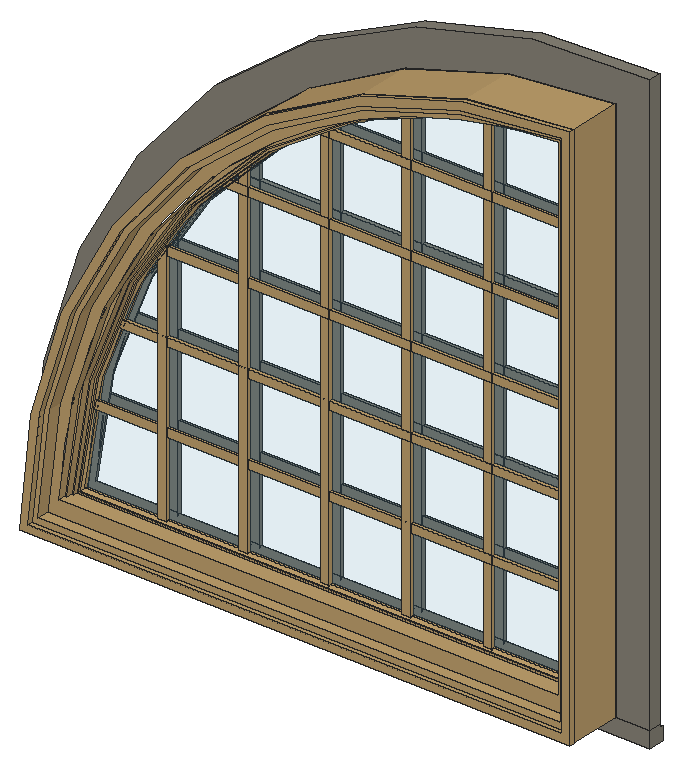
Revit family
Parameters (values of type "CUCART8")
  Window Type = "Clad Ultimate Casement Round Top RT8"
  URL = "www.marvin.com"
  Subsill Height_2 = if(Subsill A217, 0' 1 11/32", 0' 0 9/16")  # 0' - 1 11/32"
  Subsill Height = if(Subsill A217 Visibility, 0' 1 11/32", if(Subsill A246 Visibility, 0' 0 9/16", 0' 0"))  # 0' - 1 11/32"
  Subsill A246 Visibility = and(Subsill Visibility, Subsill A246)  # no
  Subsill A217 Visibility = and(Subsill Visibility, Subsill A217)  # yes
  Plan Swing Visibility [instance] = yes
  Plan Swing Angle [instance] = 15.00°
  Muntins Interior Visibility = yes
  Muntins Interior Material = Wood-Marvin-Pine
  Muntins Exterior Visibility = yes
  Muntins Exterior Material = Aluminum-Marvin-Bronze
  Mask Offset [instance] = if(Inset to Installation Flange = 0' 1 3/32", 0' 0 1/32", 0' 0")  # 0' - 0"
  Lites Wide = 6
  Lites High = 6
  Interior Material = Wood-Marvin-Pine
  Frame = "Aluminum Clad"
  Flat Casing Visibility = and(Casing Visibility, Flat Casing)  # yes
  Elev Swing Visibility [instance] = yes
  Design Pressure = "DP50"
  Daylight Area = (3.1416 * DLO Radius ^ 2) / 4 - (0' 2 29/32" * DLO Width)  # 10.2393 SF
  Cladding Material = Aluminum-Marvin-Bronze
  Casing Width_2 = if(BMC, 0' 1 5/16", 0' 3")  # 0' - 3"
  Casing Visibility = yes
  Subsill Visibility = yes
  BMC Visibility = and(Casing Visibility, BMC)  # no
  BMC = no
  Flat Casing = not(BMC)  # yes
  Subsill A246 = no
  Subsill A217 = not(Subsill A246)  # yes
  Glazing Material = Glass-Marvin-IG Low E II with Argon
  Radius = Nominal Height  # 4' - 0"
  Nominal Width = 4' - 0"
  Nominal Height = Nominal Width  # 4' - 0"
  Model = "CUCART8"
  Mask [instance] = Inset to Installation Flange > 0' 1 3/32"  # no
  Manufacturer = "Marvin Windows and Doors"
  Label Visibility = no
  Glass Type = "IG Low E II with Argon"
  Family created by = "www.rbuiltcomponents.com"
  Rough Width = Width + 0' 1"  # 4' - 1"
  Rough Height = Height + 0' 0 1/2"  # 4' - 0 1/2"
  Jamb Extension Visibility = yes
  Inset to Installation Flange [instance] = 0' - 1"
  Height = Nominal Height  # 4' - 0"
  Description = "CSMT RT8"
  Default Head Height = 8' - 0"
  Wall Closure = (empty or 0)
  Width = Nominal Width  # 4' - 0"
  DLO Radius = Radius - 0' 2 29/32"  # 3' - 9 3/32"
  DLO Width = Width - 0' 5 13/16"  # 3' - 6 3/16"
  DLO Height = Height - 0' 5 13/16"  # 3' - 6 3/16"
  Casing Width = if(BMC Visibility, 0' 1 5/16", if(Flat Casing Visibility, 0' 3", 0' 0"))  # 0' - 3"
  Casing Radius = Radius + Casing Width  # 4' - 3"
  Assembly Code = ""
Reference planes (in)
  plane 1 "Center (Front/Back)": y = 0
  plane 2: z = 0
  plane 3 "Center (Left/Right)": x = -3
  plane 4 "Left": x = -27
  plane 5 "Right": x = 21
  plane 6 "Sill": z = 48
  plane 7 "Top": z = 96
  plane 8 "Inset": y = 2
  plane 9 "Glazing": y = 1.53125
  plane 10 "Jamb Ext Face": y = -2.5625
  plane 11: z = 72
  plane 12: y = -2.59375
Forms (in)
  Sweep 1, solid, material "Wood-Marvin-Pine"
    path origin (0, 2, 0) x (1, 0, 0) y (0, 0, 1)
      loop
        line (-27, 48) -> (21, 48) -> (21, 96)
        arc (21, 96) -> (-12.94113, 81.94113) -> (-27, 48) r 48
    profile "Profile_Ext_Clad_Frame : Profile_Ext_Clad_Frame" origin (-3, 2, 48) x (0, 0, 1) y (0, -1, 0)
      loop
        line (0, 4.56199) -> (0, 0.0625) -> (0.0625, 0.0625) -> (0.0625, 0) -> (0, 0) -> (0, -1.09401) -> (0.52105, -1.09401) -> (0.6063, 0.125) -> (2.696, 0.125) -> (2.696, 0.22017) -> (2.90625, 0.43042) -> (2.90625, 0.47297) -> (2.208, 0.47297) -> (2.208, 1.50299) -> (2.90625, 1.50299) -> (2.90625, 1.66374) -> (2.677, 1.89299) -> (2.677, 2) -> (2.5005, 2) -> (2.5005, 2.34399) -> (2.313, 2.34399) -> (2.313, 2.87449) -> (2.1255, 2.87449) -> (2.1255, 3.53074) -> (1.188, 3.53074) -> (1.188, 4.56199) -> (0, 4.56199)
  Extrusion 2, solid, material "Glass-Marvin-IG Low E II with Argon" <- "Glazing Material"
    sketch origin (0, 1.53125, 0) x (1, 0, 0) y (0, 0, 1)
      loop
        line (-24.73874, 50.208) -> (18.792, 50.208) -> (18.792, 93.73874)
        arc (18.792, 93.73874) -> (-11.37983, 80.37983) -> (-24.73874, 50.208) r 45.792
    from 0 to 1.03424
  Extrusion 3, void
    sketch origin (0, 0, 0) x (1, 0, 0) y (0, 0, 1)
      loop
        line (-27, 48) -> (21, 48) -> (21, 96)
        arc (21, 96) -> (-12.94113, 81.94113) -> (-27, 48) r 48
    from -2 to 3
  Extrusion 4, void
    sketch origin (0, 0, 0) x (1, 0, 0) y (0, 0, 1)
      loop
        line (24, 46.65625) -> (24, 98.91169)
        arc (24, 98.91169) -> (-14.47158, 84.64379) -> (-29.98229, 46.65625) r 51
        line (-29.98229, 46.65625) -> (24, 46.65625)
    from -2 to -3.12756
  Sweep 5, solid, material "Aluminum-Marvin-Bronze" <- "Cladding Material", visible <- "BMC Visibility"
    path origin (0, 2, 0) x (1, 0, 0) y (0, 0, 1)
      loop
        arc (-27, 48) -> (-12.94113, 81.94113) -> (21, 96) r 48
        line (21, 96) -> (21, 48)
    profile "BMC_Clad : BMC_Clad" origin (-12.94113, 2, 81.94113) x (-0.707107, 0, 0.707107) y (0, -1, 0)
      loop
        line (0.71589, -1.25) -> (1.3125, -1.25) -> (1.3125, 0) -> (0, 0) -> (0, -1.09375) -> (0.38081, -1.09375) -> (0.71589, -1.25)
  Sweep 6, solid, material "Aluminum-Marvin-Bronze" <- "Cladding Material", visible <- "Flat Casing Visibility"
    path origin (0, 2, 0) x (1, 0, 0) y (0, 0, 1)
      loop
        arc (-27, 48) -> (-12.94113, 81.94113) -> (21, 96) r 48
        line (21, 96) -> (21, 48)
    profile "Flat_Casing_Clad : Flat_Casing_Clad" origin (-12.94113, 2, 81.94113) x (-0.707107, 0, 0.707107) y (0, -1, 0)
      loop
        line (3, -1.09375) -> (3, 0) -> (0, 0) -> (0, -1.09375) -> (3, -1.09375)
  Sweep 7, solid, material "Aluminum-Marvin-Bronze" <- "Cladding Material", visible <- "Subsill Visibility"
    path origin (0, 2, 0) x (1, 0, 0) y (0, 0, 1)
      loop
        line (24, 48) -> (-30, 48)
    profile origin (-3, 2, 48) x (0, 0, -1) y (0, -1, 0)
      loop
        line (0, 0) -> (0, -1.09401) -> (0.15265, -1.09401) -> (0.1875, -1.34375) -> (1.34375, -1.34375) -> (1.34375, 0) -> (0, 0)
  Extrusion 8, solid, material "Wood-Marvin-Pine" <- "Interior Material", visible <- "Jamb Extension Visibility"
    sketch origin (0, -2.5625, 0) x (1, 0, 0) y (0, 0, 1)
      loop
        line (-27, 48) -> (21, 48) -> (21, 96)
        arc (21, 96) -> (-12.94113, 81.94113) -> (-27, 48) r 48
      loop
        line (-26.3075, 48.6875) -> (20.3125, 48.6875) -> (20.3125, 95.3075)
        arc (20.3125, 95.3075) -> (-12.45499, 81.45499) -> (-26.3075, 48.6875) r 47.3125
    from 0.4375 to 0.03125
  Sweep 9, solid, material "Wood-Marvin-Pine"
    path origin (0, -2.5625, 0) x (1, 0, 0) y (0, 0, 1)
      loop
        line (-24.8745, 50.1255) -> (19, 50.1255)
    profile "Profile_Sill_Close : Profile_Sill_Close" origin (-2.93725, -2.5625, 50.1255) x (0, 0, 1) y (0, -1, 0)
      loop
        line (0, -1.03125) -> (0, -1.6875) -> (0.1875, -1.6875) -> (0.1875, -2.218) -> (0.375, -2.218) -> (0.375, -1.03125) -> (0, -1.03125)
Cuts and joins
  joined: Sweep 1, Sweep 9
Lines and regions (in)
  Masking region 1
    outline origin (0, 0, 48) x (0, -1, 0) y (1, 0, 0)
      loop
        line (-3.09401, -27) -> (2.5625, -27) -> (2.5625, 21) -> (-3.09401, 21) -> (-3.09401, -27)
  Masking region 2
    outline origin (-3, 0, 0) x (0, 1, 0) y (0, 0, 1)
      loop
        line (3.09375, 96) -> (-2.5625, 96) -> (-2.5625, 48) -> (3.09375, 48) -> (3.09375, 96)
  Masking region 3, visible <- "Mask"
    outline origin (0, 0, 48) x (0, -1, 0) y (1, 0, 0)
      loop
        line (-3.09401, -30) -> (-3, -30) -> (-3, 24) -> (-3.09401, 24) -> (-3.09401, -30)
  Masking region 4, visible <- "Mask"
    outline origin (-3, 0, 0) x (0, 1, 0) y (0, 0, 1)
      loop
        line (3.09375, 99) -> (3, 99) -> (3, 46.65625) -> (3.09375, 46.65625) -> (3.09375, 99)
  Masking region 5, visible <- "Casing Visibility"
    outline origin (0, 0, 48) x (0, -1, 0) y (1, 0, 0)
      loop
        line (-3.09401, -30) -> (-2, -30) -> (-2, -27) -> (-3.09401, -27) -> (-3.09401, -30)
      loop
        line (-3.09401, 21) -> (-2, 21) -> (-2, 24) -> (-3.09401, 24) -> (-3.09401, 21)
  Masking region 6, visible <- "Subsill Visibility"
    outline origin (-3, 0, 0) x (0, 1, 0) y (0, 0, 1)
      loop
        line (3.34375, 46.65625) -> (3.34375, 47.8125) -> (3.09401, 47.84735) -> (3.09401, 48) -> (2, 48) -> (2, 46.65625) -> (3.34375, 46.65625)
  Masking region 7, visible <- "Casing Visibility"
    outline origin (-3, 0, 0) x (0, 1, 0) y (0, 0, 1)
      loop
        line (3.09375, 99) -> (2, 99) -> (2, 96) -> (3.09375, 96) -> (3.09375, 99)
  Masking region 8
    outline origin (0, 0, 48) x (0, -1, 0) y (1, 0, 0)
      loop
        line (2.59375, -27) -> (3, -27) -> (3, 21) -> (2.59375, 21) -> (2.59375, -27)
  Masking region 9
    outline origin (-3, 0, 0) x (0, 1, 0) y (0, 0, 1)
      loop
        line (-2.59375, 96) -> (-3, 96) -> (-3, 48) -> (-2.59375, 48) -> (-2.59375, 96)
  symbolic lines, style "Jamb Extension", visible <- "Jamb Extension Visibility", detail levels fine
    curve 1: line (-3, -3, 95.3125) -> (-3, -2.59375, 95.3125)
    curve 2: line (-3, -3, 48.6875) -> (-3, -2.59375, 48.6875)
    curve 48: line (-26.3125, -2.59375, 48) -> (-26.3125, -3, 48)
    curve 49: line (20.30026, -3, 48) -> (20.30026, -2.59375, 48)
    curve 50: line (21, -3, 48) -> (20.30026, -3, 48)
    curve 51: line (-26.3125, -3, 48) -> (-27, -3, 48)
  symbolic lines, style "WindowsFrameMullionProjection", detail levels coarse+medium
    curve 3: line (21, -2.5625, 48) -> (19.812, -2.5625, 48)
    curve 4: line (19.812, -2.5625, 48) -> (19.812, 3.09401, 48)
    curve 5: line (19.812, 3.09401, 48) -> (21, 3.09401, 48)
    curve 6: line (19.812, 1.875, 48) -> (18.09375, 1.875, 48)
    curve 7: line (18.09375, 1.875, 48) -> (18.09375, 0, 48)
    curve 8: line (-25.812, 0, 48) -> (-24.09375, 0, 48)
    curve 9: line (-27, -2.5625, 48) -> (-25.812, -2.5625, 48)
    curve 10: line (-25.812, -2.5625, 48) -> (-25.812, 3.09401, 48)
    curve 11: line (-25.812, 3.09401, 48) -> (-27, 3.09401, 48)
    curve 12: line (-24.09375, 1.875, 48) -> (-24.09375, 0, 48)
    curve 13: line (-3, 3.09401, 96) -> (-3, 3.09401, 94.812)
    curve 14: line (-3, 3.09401, 94.812) -> (-3, -2.5625, 94.812)
    curve 15: line (-3, -2.5625, 94.812) -> (-3, -2.5625, 96)
    curve 16: line (-3, 1.875, 94.812) -> (-3, 1.875, 93.09375)
    curve 17: line (-3, 1.875, 93.09375) -> (-3, 0, 93.09375)
    curve 18: line (-3, 0, 49.188) -> (-3, 0, 50.90625)
    curve 19: line (-3, 3.09401, 48) -> (-3, 3.09401, 49.188)
    curve 20: line (-3, 3.09401, 49.188) -> (-3, -2.5625, 49.188)
    curve 21: line (-3, -2.5625, 49.188) -> (-3, -2.5625, 48)
    curve 22: line (-3, 1.875, 50.90625) -> (-3, 0, 50.90625)
    curve 23: line (18.09375, 1.875, 48) -> (-24.09375, 1.875, 48)
    curve 24: line (18.09375, 0, 48) -> (19.812, 0, 48)
    curve 25: line (-24.09375, 1.875, 48) -> (-25.812, 1.875, 48)
    curve 26: line (-3, 0, 50.90625) -> (-3, 0, 93.09375)
    curve 27: line (-3, 1.875, 50.90625) -> (-3, 1.875, 49.188)
    curve 28: line (-3, 0, 93.09375) -> (-3, 0, 94.812)
    curve 29: line (-3, 1.875, 93.09375) -> (-3, 1.875, 50.90625)
    curve 37: line (-24.09375, 0, 48) -> (18.09375, 0, 48)
    curve 72: line (-3, -3, 96) -> (-3, 3.09375, 96)
    curve 83: line (-27, 3.09375, 48) -> (-27, -3, 48)
    curve 84: line (21, -3, 48) -> (21, 3.09375, 48)
  symbolic lines, style "Jamb Extension", visible <- "Jamb Extension Visibility"
    curve 30: line (-3, -3, 48.6875) -> (-3, -3, 48)
    curve 31: line (-3, -3, 95.3125) -> (-3, -3, 96)
  symbolic lines, style "WindowsFrameMullionProjection", visible <- "Jamb Extension Visibility", detail levels coarse+medium
    curve 32: line (-3, -2.59375, 95.3125) -> (-3, -3, 95.3125)
    curve 33: line (-3, -3, 95.3125) -> (-3, -3, 96)
    curve 34: line (-3, -2.59375, 48.6875) -> (-3, -3, 48.6875)
    curve 35: line (-3, -3, 48.6875) -> (-3, -3, 48)
    curve 52: line (-26.3125, -2.59375, 48) -> (-26.3125, -3, 48)
    curve 53: line (-27, -3, 48) -> (-26.3125, -3, 48)
    curve 54: line (20.30026, -3, 48) -> (20.30026, -2.59375, 48)
    curve 55: line (20.30026, -3, 48) -> (21, -3, 48)
  symbolic lines, style "WindowsGlassProjection", detail levels coarse+medium
    curve 36: line (-24.09375, 0.9375, 48) -> (18.09375, 0.9375, 48)
    curve 68: line (-3, 0.9375, 50.90625) -> (-3, 0.9375, 93.09375)
  symbolic lines, style "Jamb Extension", visible <- "BMC Visibility", detail levels fine
    curve 38: line (-28.3125, 3.25, 48) -> (-27.71589, 3.25, 48)
    curve 39: line (-27.71589, 3.25, 48) -> (-27.38081, 3.09375, 48)
    curve 40: line (-28.3125, 3.09401, 48) -> (-28.3125, 3.25, 48)
    curve 41: line (21.71589, 3.25, 48) -> (22.3125, 3.25, 48)
    curve 42: line (21.38081, 3.09375, 48) -> (21.71589, 3.25, 48)
    curve 43: line (22.3125, 3.25, 48) -> (22.3125, 3.09401, 48)
    curve 44: line (-27.38081, 3.09375, 48) -> (-27, 3.09375, 48)
    curve 45: line (21.38081, 3.09375, 48) -> (21, 3.09375, 48)
    curve 74: line (-3, 3.25, 96.65144) -> (-3, 3.25, 99)
    curve 75: line (-3, 3.09375, 96) -> (-3, 3.09375, 96.38081)
    curve 76: line (-3, 3.09375, 96.38081) -> (-3, 3.25, 96.65144)
    curve 77: line (-3, 3.25, 99) -> (-3, 3.09375, 99)
  symbolic lines, style "Jamb Extension", visible <- "Flat Casing Visibility", detail levels fine
    curve 46: line (-27, 3.09401, 48) -> (-30, 3.09401, 48)
    curve 47: line (24, 3.09401, 48) -> (21, 3.09401, 48)
    curve 81: line (-3, 3.09375, 96) -> (-3, 3.09375, 99)
    curve 82: line (-3, 3.09375, 99) -> (-3, 2, 99)
  symbolic lines, style "WindowsFrameMullionProjection", visible <- "BMC Visibility", detail levels coarse+medium
    curve 56: line (-28.3125, 2, 48) -> (-28.3125, 3.25, 48)
    curve 57: line (-28.3125, 3.25, 48) -> (-27.71589, 3.25, 48)
    curve 58: line (-27.71589, 3.25, 48) -> (-27.38081, 3.09375, 48)
    curve 59: line (-27.38081, 3.09375, 48) -> (-27, 3.09375, 48)
    curve 60: line (22.3125, 3.25, 48) -> (22.3125, 2, 48)
    curve 61: line (21.38081, 3.09375, 48) -> (21.71589, 3.25, 48)
    curve 62: line (21.71589, 3.25, 48) -> (22.3125, 3.25, 48)
    curve 63: line (21, 3.09375, 48) -> (21.38081, 3.09375, 48)
    curve 69: line (-3, 3.25, 96.65144) -> (-3, 3.25, 99)
    curve 70: line (-3, 3.09375, 96) -> (-3, 3.09375, 96.38081)
    curve 71: line (-3, 3.09375, 96.38081) -> (-3, 3.25, 96.65144)
    curve 73: line (-3, 3.25, 99) -> (-3, 2, 99)
  symbolic lines, style "WindowsFrameMullionProjection", visible <- "Flat Casing Visibility", detail levels coarse+medium
    curve 64: line (24, 3.09401, 48) -> (21, 3.09401, 48)
    curve 65: line (24, 3.09401, 48) -> (24, 2, 48)
    curve 66: line (-30, 2, 48) -> (-30, 3.09401, 48)
    curve 67: line (-27, 3.09401, 48) -> (-30, 3.09401, 48)
    curve 79: line (-3, 3.09375, 96) -> (-3, 3.09375, 99)
    curve 80: line (-3, 3.09375, 99) -> (-3, 2, 99)
  symbolic lines, style "WindowsFrameMullionProjection", visible <- "Casing Visibility", detail levels coarse+medium
    curve 78: line (-3, 2, 99) -> (-3, 2, 96)
  symbolic lines, style "WindowsFrameMullionProjection", visible <- "Subsill Visibility", detail levels coarse+medium
    curve 85: line (-3, 3.09401, 47.84735) -> (-3, 3.09401, 48)
    curve 86: line (-3, 3.34375, 47.8125) -> (-3, 3.09401, 47.84735)
    curve 87: line (-3, 3.34375, 46.65625) -> (-3, 3.34375, 47.8125)
    curve 88: line (-3, 2, 46.65625) -> (-3, 3.34375, 46.65625)
  reference lines
    curve 89: arc (-27, 2, 48) -> (-20.56922, 2, 72) -> (-3, 2, 89.56922) r 48
    curve 90: line (-3, 2, 48) -> (-3, 2, 89.56922)
  symbolic lines, style "Elevation Swing", visible <- "Elev Swing Visibility"
    curve 91: line (-26.38983, 2, 48.6063) -> (20.3937, 2, 71.99806)
    curve 92: line (20.3937, 2, 71.99806) -> (-3, 2, 89.56922)
Text (in)
  text "EXTERIOR" at (-58.6888, 50.90694, 0), in view "Ref. Level"
  text "INTERIOR" at (-58.6888, -37.76638, 0), in view "Ref. Level"
  text "Exterior" at (0, 43.65631, 123.19604), in view "Left"
  text "Exterior" at (0, 18.29385, 125.04747), in view "Right"
Dimensions and locks (in)
  equal spacing: plane 4 "Left", plane 3 "Center (Left/Right)", plane 5 "Right"
  "Width": plane 4 "Left" to plane 5 "Right"
  "Inset to Installation Flange": host wall to plane 8 "Inset"
  locked: plane 9 "Glazing" to plane 8 "Inset" at 0.46875
  locked: plane 10 "Jamb Ext Face" to plane 8 "Inset" at 4.5625
  "Default Head Height": plane 2 to plane 7 "Top"
  locked: nested 2 to host wall at 12.00106
  locked: plane 9 "Glazing" to Extrusion 2 at 1.03424
  locked: curve 32 to plane 7 "Top" at 0.6875
  locked: plane 6 "Sill" to curve 34 at 0.6875
  "Casing Width": plane 5 "Right" to Sweep 7 sketch curve
  "Casing Width": Sweep 7 sketch curve to plane 4 "Left"
  locked: Sweep 7 sketch curve to Sweep 7 sketch curve at 1.34375
  "Casing Width": Masking region 3 sketch curve to plane 4 "Left"
  "Casing Width": plane 5 "Right" to Masking region 3 sketch curve
  "Casing Width_2": Masking region 5 sketch curve to plane 4 "Left"
  "Casing Width_2": plane 5 "Right" to Masking region 5 sketch curve
  locked: Extrusion 4 to host wall at 0.12756
  "Subsill Height": Masking region 4 sketch curve to plane 6 "Sill"
  "Casing Width": plane 7 "Top" to Masking region 4 sketch curve
  "Casing Width_2": plane 7 "Top" to Masking region 7 sketch curve
  nested 5 to plane 9 "Glazing" = 0' - 1 9/32"
  "Height": plane 6 "Sill" to plane 7 "Top"
  equal spacing: plane 6 "Sill", plane 11, plane 7 "Top"
  locked: curve 56 to plane 4 "Left" at 1.3125
  locked: curve 58 to plane 4 "Left" at 0.71589
  locked: plane 4 "Left" to curve 52 at 0.6875
  plane 4 "Left" to curve 10 to curve 12 = 0' - 1.188" locked, 0' - 1.71825" locked
  locked: curve 8 to plane 9 "Glazing" at 1.53125
  locked: curve 24 to plane 9 "Glazing" at 1.53125
  plane 5 "Right" to curve 62 to curve 60 = 0' - 0.71589" locked, 0' - 0.59661" locked
  curve 7 to curve 4 to plane 5 "Right" = 0' - 1.71825" locked, 0' - 1.188" locked
  locked: curve 54 to plane 5 "Right" at 0.69974
  "Subsill Height_2": Sweep 7 sketch curve to plane 6 "Sill"
  locked: Sweep 9 sketch curve to plane 5 "Right" at 2
  locked: Extrusion 8 sketch curve to Extrusion 8 sketch curve at 0.6875
  locked: Extrusion 8 sketch curve to plane 5 "Right" at 0.6875
  "Subsill Height": Extrusion 4 sketch curve to plane 6 "Sill"
  "Casing Width": plane 5 "Right" to Extrusion 4 sketch curve
  plane 9 "Glazing" to nested 5 = 0' - 1 9/32"
  nested 4 to plane 9 "Glazing" = 0' - 0 1/4"
  locked: nested 4 to plane 9 "Glazing" at 0.25
  locked: plane 9 "Glazing" to nested 5 at 1.28125
  locked: plane 12 to plane 10 "Jamb Ext Face" at 0.03125
  "Mask Offset": Masking region 3 sketch curve to host wall
  "Mask Offset": Masking region 4 sketch curve to host wall
  "Radius": radius of Sweep 1 sketch curve
  "Radius": radius of Sweep 6 sketch curve
  "Radius": radius of Sweep 5 sketch curve
  "Radius": radius of Extrusion 8 sketch curve
  "Radius": radius of Extrusion 3 sketch curve
  "Casing Radius": radius of Extrusion 4 sketch curve
  "Radius": radius of curve 89
  aligned and locked: nested 1 to plane 3 "Center (Left/Right)"
  aligned and locked: plane 8 "Inset" to nested 1
  aligned and locked: plane 5 "Right" to Masking region 1 sketch curve
  aligned and locked: Masking region 1 sketch curve to plane 4 "Left"
  aligned and locked: plane 7 "Top" to Masking region 2 sketch curve
  aligned and locked: Masking region 2 sketch curve to plane 6 "Sill"
  aligned and locked: plane 3 "Center (Left/Right)" to nested 2
  aligned and locked: curve 21 to plane 10 "Jamb Ext Face"
  aligned and locked: plane 6 "Sill" to curve 30
  aligned and locked: curve 30 to host wall
  aligned and locked: host wall to curve 33
  aligned and locked: plane 6 "Sill" to curve 35
  aligned and locked: Extrusion 2 to plane 9 "Glazing"
  aligned and locked: plane 9 "Glazing" to Extrusion 2
  aligned and locked: nested 3 to plane 6 "Sill"
  aligned and locked: curve 14 to nested 3
  aligned and locked: curve 13 to nested 3
  aligned and locked: curve 16 to nested 3
  aligned and locked: curve 28 to nested 3
  aligned and locked: curve 17 to nested 3
  aligned and locked: curve 19 to nested 3
  aligned and locked: curve 20 to nested 3
  aligned and locked: curve 22 to nested 3
  aligned and locked: curve 27 to nested 3
  aligned and locked: nested 3 to curve 18
  aligned and locked: Extrusion 3 to plane 8 "Inset"
  aligned and locked: host wall to Extrusion 3
  aligned and locked: Sweep 7 sketch curve to plane 8 "Inset"
  aligned and locked: host wall to Extrusion 8
  aligned and locked: plane 4 "Left" to Masking region 5 sketch curve
  aligned and locked: Masking region 5 sketch curve to plane 8 "Inset"  (x2)
  aligned and locked: Masking region 5 sketch curve to plane 5 "Right"
  aligned and locked: curve 7 to curve 36
  aligned and locked: curve 12 to curve 37
  aligned and locked: curve 8 to curve 37
  aligned and locked: plane 5 "Right" to curve 45
  aligned and locked: curve 46 to Masking region 5
  aligned and locked: plane 8 "Inset" to Extrusion 4
  aligned and locked: Masking region 5 to curve 64
  aligned and locked: nested 3 to plane 8 "Inset"
  aligned and locked: Masking region 6 sketch curve to Sweep 7  (x6)
  aligned and locked: Masking region 7 sketch curve to plane 7 "Top"
  aligned and locked: Masking region 7 sketch curve to plane 8 "Inset"
  aligned and locked: curve 72 to nested 3
  aligned and locked: curve 73 to Masking region 7
  aligned and locked: nested 4 to plane 3 "Center (Left/Right)"
  aligned and locked: plane 3 "Center (Left/Right)" to nested 5
  aligned and locked: curve 85 to Sweep 7
  aligned and locked: curve 86 to Sweep 7
  aligned and locked: curve 87 to Sweep 7
  aligned and locked: curve 88 to Sweep 7
  aligned and locked: plane 6 "Sill" to Sweep 7 sketch curve
  aligned and locked: Sweep 1 sketch curve to plane 6 "Sill"
  aligned and locked: Extrusion 3 sketch curve to plane 6 "Sill"
  aligned and locked: plane 11 to nested 4
  aligned and locked: nested 5 to plane 11
  aligned and locked: curve 66 to Masking region 5
  aligned and locked: plane 4 "Left" to curve 83
  aligned and locked: curve 25 to nested 1
  aligned and locked: curve 65 to Masking region 5
  aligned and locked: curve 6 to nested 1
  aligned and locked: Masking region 3 sketch curve to Sweep 7
  aligned and locked: Masking region 1 sketch curve to Sweep 7
  aligned and locked: curve 78 to plane 8 "Inset"
  aligned and locked: curve 79 to Masking region 7
  aligned and locked: curve 80 to Masking region 7
  aligned and locked: Sweep 9 sketch curve to Sweep 1
  aligned and locked: plane 5 "Right" to Sweep 1 sketch curve
  aligned and locked: plane 6 "Sill" to Sweep 1 sketch curve
  aligned and locked: Extrusion 2 sketch curve to cut or joined group of Sweep 1, Sweep 9  (x3)
  aligned and locked: plane 5 "Right" to Sweep 6 sketch curve  (x2)
  aligned and locked: plane 5 "Right" to Sweep 5 sketch curve
  aligned and locked: plane 5 "Right" to Extrusion 8 sketch curve
  aligned and locked: Extrusion 8 sketch curve to plane 6 "Sill"
  aligned and locked: plane 5 "Right" to Extrusion 3 sketch curve  (x2)
  aligned and locked: plane 6 "Sill" to Extrusion 3 sketch curve
  aligned and locked: Masking region 5 sketch curve to Sweep 7  (x2)
  aligned and locked: Masking region 7 sketch curve to Sweep 6
  aligned and locked: Masking region 4 sketch curve to Sweep 6
  aligned and locked: Masking region 2 sketch curve to Sweep 6
  aligned and locked: plane 5 "Right" to Extrusion 4 sketch curve
  aligned and locked: plane 6 "Sill" to Extrusion 4 sketch curve
  aligned and locked: host wall to curve 84
  aligned and locked: plane 6 "Sill" to curve 89  (x2)
  aligned and locked: plane 5 "Right" to curve 89
  aligned and locked: plane 3 "Center (Left/Right)" to curve 90
  aligned and locked: plane 6 "Sill" to curve 90
  aligned and locked: curve 91 to cut or joined group of Sweep 1, Sweep 9
  aligned and locked: cut or joined group of Sweep 1, Sweep 9 to curve 91
  aligned and locked: curve 92 to curve 90
  aligned and locked: Extrusion 8 to curve 52
  aligned and locked: Extrusion 8 to curve 48
  aligned and locked: Extrusion 8 to curve 49
  aligned and locked: Extrusion 8 to curve 54
  aligned and locked: Masking region 1 sketch curve to plane 10 "Jamb Ext Face"
  aligned and locked: host wall to curve 53
  aligned and locked: Masking region 8 sketch curve to plane 4 "Left"
  aligned and locked: plane 5 "Right" to Masking region 8 sketch curve
  aligned and locked: plane 12 to Masking region 8 sketch curve
  aligned and locked: Masking region 8 sketch curve to host wall
  aligned and locked: Extrusion 8 to curve 1
  aligned and locked: Extrusion 8 to curve 32
  aligned and locked: Extrusion 8 to curve 34
  aligned and locked: Extrusion 8 to curve 2
  aligned and locked: Extrusion 8 to plane 12
  aligned and locked: Masking region 2 sketch curve to plane 10 "Jamb Ext Face"
  aligned and locked: plane 7 "Top" to Masking region 9 sketch curve
  aligned and locked: Masking region 9 sketch curve to plane 6 "Sill"
  aligned and locked: plane 12 to Masking region 9 sketch curve
  aligned and locked: Masking region 9 sketch curve to host wall
Automatic sketch dimensions
  Sweep 7 sketch curve to Sweep 7 sketch curve = 0' - 0.15265"
  Sweep 7 sketch curve to Sweep 7 sketch curve = 0' - 0.03485"
  Sweep 7 sketch curve to Sweep 7 sketch curve = 0' - 0.24974"
  Sweep 7 sketch curve to profile plane = 0' - 0"
  Sweep 6 sketch curve to plane 6 "Sill" = 0' - 0"  (x2)
  Sweep 5 sketch curve to plane 6 "Sill" = 0' - 0"  (x2)
  Extrusion 8 sketch curve to Extrusion 8 sketch curve = 0' - 0"  (x2)
  Extrusion 8 sketch curve to plane 4 "Left" = 0' - 0.6925"
  curve 92 to plane 3 "Center (Left/Right)" = 0' - 0"
  curve 91 to plane 4 "Left" = 0' - 0.61017"
  plane 11 to curve 92 = 0' - 0.00194"
  curve 60 to plane 8 "Inset" = 0' - 0"
  curve 66 to plane 8 "Inset" = 0' - 0"
  curve 56 to plane 8 "Inset" = 0' - 0"
  curve 65 to plane 8 "Inset" = 0' - 0"
  curve 11 to plane 4 "Left" = 0' - 0"
  curve 47 to plane 5 "Right" = 0' - 0"
  curve 38 to curve 40 = 0' - 0.15599"
  curve 62 to curve 43 = 0' - 0.15599"
  curve 5 to curve 84 = 0' - 0.00026"
  curve 11 to curve 83 = 0' - 0.00026"
  plane 9 "Glazing" to curve 36 = 0' - 0 19/32"
  curve 38 to curve 39 = 0' - 0.33508"
  curve 45 to curve 41 = 0' - 0.33508"
  curve 15 to plane 10 "Jamb Ext Face" = 0' - 0"
  curve 88 to plane 8 "Inset" = 0' - 0"
  curve 21 to plane 6 "Sill" = 0' - 0"
  curve 85 to plane 6 "Sill" = 0' - 0"
  curve 13 to plane 7 "Top" = 0' - 0"
  curve 78 to plane 7 "Top" = 0' - 0"
  plane 9 "Glazing" to curve 68 = 0' - 0 19/32"
  curve 77 to curve 74 = 0' - 0 5/32"
  curve 71 to plane 7 "Top" = 0' - 0.38081"
  curve 70 to curve 69 = 0' - 0.27063"
  curve 3 to plane 10 "Jamb Ext Face" = 0' - 0"
  curve 9 to plane 10 "Jamb Ext Face" = 0' - 0"
Nested families (in)
  nested 1: "Roundtop_Plan_Detail" at (-3, 2, 48) x (-1, 0, 0) z (0, 0, -1), type "Roundtop_Plan_Detail"
    with Width 4' - 0", Plan Swing RH no, Plan Swing Length 3' - 9 5/8"
  nested 2: "Label Annotation 1-16 w4" at (-3, 15.00106, 0), visible <- "Label Visibility", type "Label Annotation 1-16 w4"
    with Nominal Width 4' - 0", Nominal Height 4' - 0"
  nested 3: "Roundtop_Section_Detail" at (-3, 2, 48) x (0, -1, 0) z (1, 0, 0), type "Roundtop_Section_Detail", detail levels fine
    with Height 4' - 0"
  nested 4: "Muntins" at (-3, 1.78125, 14.90625) x (-1, 0, 0) z (0, 0, 1), Muntin Material <- "Muntins Exterior Material", visible <- "Muntins Exterior Visibility", type "Muntins"
    with Muntin Material Aluminum-Marvin-Bronze, MuntinDepth 0' - 0 1/4"
  nested 5: "Muntins" at (-3, 0.25, 14.90625) x (-1, 0, 0) z (0, 0, 1), Muntin Material <- "Muntins Interior Material", visible <- "Muntins Interior Visibility", type "Muntins"
    with Muntin Material Wood-Marvin-Pine, MuntinDepth 0' - 0 1/4"
Definition of nested family "Muntins"
  Parameters (values of type "Muntins")
    Springline = 4' - 3 1/8"
    GlazingWidth = 3' - 6 3/16"
    GlazingHeight = 3' - 6 3/16"
    Width = GlazingWidth + 0' 0 7/16"  # 3' - 6 5/8"
    VerticalMuntins = if(LitesHorizontal < 3, 2, LitesHorizontal - 1)  # 5
    VertMuntVisible = LitesHorizontal > 2  # yes
    MuntinWidth = 0' - 0 3/4"
    MuntinDepth = 0' - 0 9/32"
    Muntin Material [instance] = none
    LitesVertical = 6
    LitesHorizontal = 6
    HorizontalMuntins = if(LitesVertical < 3, 2, LitesVertical - 1)  # 5
    HorizMuntVisible = LitesVertical > 2  # yes
    Height = GlazingHeight + 0' 0 7/16"  # 3' - 6 5/8"
    Inset Vert = if(LitesHorizontal < 3, (Width / 3) - (MuntinWidth / 2), (Width / LitesHorizontal) - (MuntinWidth / 2))  # 0' - 6.72917"
    Inset Horiz = if(LitesVertical < 3, (Height / 3) - (MuntinWidth / 2), (Height / LitesVertical) - (MuntinWidth / 2))  # 0' - 6.72917"
    CenterMuntinVertical = LitesHorizontal = 2  # no
    CenterMuntinHorizontal = LitesVertical = 2  # no
    Assembly Code = ""
  Reference planes (in)
    plane 1 "Center (Front/Back)": y = 0
    plane 2: z = 0
    plane 3 "Center (Left/Right)": x = 0
    plane 4: z = 35.78125
    plane 5: z = 57.09375
    plane 6: z = 78.40625
    plane 7: z = 71.67708
    plane 8: z = 42.51042
    plane 9: z = 78.1875
    plane 10: z = 36
    plane 11: x = -21.09375
    plane 12: x = 21.09375
    plane 13: x = -14.58333
    plane 14: x = -21.3125
    plane 15: x = 21.3125
    plane 16: x = 14.58333
    plane 17: z = 33.09375
    plane 18: x = -24
  Forms (in)
    Extrusion 1, solid, material <- "Muntin Material", visible <- "CenterMuntinVertical", detail levels medium+fine
      sketch origin (9, 0, 0) x (1, 0, 0) y (0, 0, 1)
        loop
          line (-9.375, 78.40625) -> (-9.375, 35.78125) -> (-8.625, 35.78125) -> (-8.625, 78.40625) -> (-9.375, 78.40625)
      from 0 to 0.28125 <- "MuntinDepth"
    Extrusion 2, solid, material <- "Muntin Material", visible <- "CenterMuntinHorizontal", detail levels medium+fine
      sketch origin (-0.0013, 0, 14.6875) x (1, 0, 0) y (0, 0, 1)
        loop
          line (-21.3112, 42.78125) -> (-21.3112, 42.03125) -> (21.3138, 42.03125) -> (21.3138, 42.78125) -> (-21.3112, 42.78125)
      from 0 to 0.28125 <- "MuntinDepth"
    Extrusion 3, solid, material <- "Muntin Material", visible <- "VertMuntVisible", detail levels medium+fine
      sketch origin (-4.19345, 0, -2.90625) x (1, 0, 0) y (0, 0, 1)
        loop
          line (-10.38988, 81.3125) -> (-10.38988, 38.6875) -> (-9.63988, 38.6875) -> (-9.63988, 81.3125) -> (-10.38988, 81.3125)
      from 0 to 0.28125 <- "MuntinDepth"
    Extrusion 4, solid, material <- "Muntin Material", visible <- "HorizMuntVisible", detail levels medium+fine
      sketch origin (5.9974, 0, -3.3869) x (1, 0, 0) y (0, 0, 1)
        loop
          line (-27.3099, 46.64732) -> (-27.3099, 45.89732) -> (15.3151, 45.89732) -> (15.3151, 46.64732) -> (-27.3099, 46.64732)
      from 0 to 0.28125 <- "MuntinDepth"
    Extrusion 5, void
      sketch origin (0, 0, 0) x (1, 0, 0) y (0, 0, 1)
        loop
          line (21.3125, 33.09375) -> (45.3125, 33.09375) -> (45.3125, 102.40625) -> (-24, 102.40625) -> (-24, 78.40625)
          arc (-24, 78.40625) -> (8.04078, 65.13453) -> (21.3125, 33.09375) r 45.3125
      from -1 to 1
    Extrusion 6, solid, material <- "Muntin Material", visible <- "CenterMuntinVertical", detail levels coarse
      sketch origin (9, 0, 0) x (1, 0, 0) y (0, 0, 1)
        loop
          line (-9.03125, 78.40625) -> (-9.03125, 35.78125) -> (-8.96875, 35.78125) -> (-8.96875, 78.40625) -> (-9.03125, 78.40625)
      from 0 to 0.0625
    Extrusion 7, solid, material <- "Muntin Material", visible <- "VertMuntVisible", detail levels coarse
      sketch origin (-4.20908, 0, 0) x (1, 0, 0) y (0, 0, 1)
        loop
          line (-10.01488, 78.40625) -> (-10.01488, 35.78125) -> (-9.98363, 35.78125) -> (-9.98363, 78.40625) -> (-10.01488, 78.40625)
      from 0 to 0.0625
    Extrusion 8, solid, material <- "Muntin Material", visible <- "CenterMuntinHorizontal", detail levels coarse
      sketch origin (-0.0013, 0, 14.6875) x (1, 0, 0) y (0, 0, 1)
        loop
          line (-21.3112, 42.4375) -> (-21.3112, 42.375) -> (21.3138, 42.375) -> (21.3138, 42.4375) -> (-21.3112, 42.4375)
      from 0 to 0.0625
    Extrusion 9, solid, material <- "Muntin Material", visible <- "HorizMuntVisible", detail levels coarse
      sketch origin (-0.0013, 0, -6.02753) x (1, 0, 0) y (0, 0, 1)
        loop
          line (-21.3112, 48.95982) -> (-21.3112, 48.89732) -> (21.3138, 48.89732) -> (21.3138, 48.95982) -> (-21.3112, 48.95982)
      from 0 to 0.0625
    Extrusion 10, solid, material <- "Muntin Material", visible <- "VertMuntVisible", detail levels medium+fine
      sketch origin (24.22321, 0, -2.90625) x (1, 0, 0) y (0, 0, 1)
        loop
          line (-10.38988, 81.3125) -> (-10.38988, 38.6875) -> (-9.63988, 38.6875) -> (-9.63988, 81.3125) -> (-10.38988, 81.3125)
      from 0 to 0.28125 <- "MuntinDepth"
    Extrusion 11, solid, material <- "Muntin Material", visible <- "VertMuntVisible", detail levels coarse
      sketch origin (24.20759, 0, 0) x (1, 0, 0) y (0, 0, 1)
        loop
          line (-10.01488, 78.40625) -> (-10.01488, 35.78125) -> (-9.98363, 35.78125) -> (-9.98363, 78.40625) -> (-10.01488, 78.40625)
      from 0 to 0.0625
    Extrusion 12, solid, material <- "Muntin Material", visible <- "VertMuntVisible", detail levels medium+fine
      sketch origin (2.91071, 0, -2.90625) x (1, 0, 0) y (0, 0, 1)
        loop
          line (-10.38988, 81.3125) -> (-10.38988, 38.6875) -> (-9.63988, 38.6875) -> (-9.63988, 81.3125) -> (-10.38988, 81.3125)
      from 0 to 0.28125 <- "MuntinDepth"
    Extrusion 13, solid, material <- "Muntin Material", visible <- "VertMuntVisible", detail levels coarse
      sketch origin (2.89509, 0, 0) x (1, 0, 0) y (0, 0, 1)
        loop
          line (-10.01488, 78.40625) -> (-10.01488, 35.78125) -> (-9.98363, 35.78125) -> (-9.98363, 78.40625) -> (-10.01488, 78.40625)
      from 0 to 0.0625
    Extrusion 14, solid, material <- "Muntin Material", visible <- "HorizMuntVisible", detail levels medium+fine
      sketch origin (5.9974, 0, 25.02976) x (1, 0, 0) y (0, 0, 1)
        loop
          line (-27.3099, 46.64732) -> (-27.3099, 45.89732) -> (15.3151, 45.89732) -> (15.3151, 46.64732) -> (-27.3099, 46.64732)
      from 0 to 0.28125 <- "MuntinDepth"
    Extrusion 15, solid, material <- "Muntin Material", visible <- "HorizMuntVisible", detail levels coarse
      sketch origin (-0.0013, 0, 22.38914) x (1, 0, 0) y (0, 0, 1)
        loop
          line (-21.3112, 48.95982) -> (-21.3112, 48.89732) -> (21.3138, 48.89732) -> (21.3138, 48.95982) -> (-21.3112, 48.95982)
      from 0 to 0.0625
    Extrusion 16, solid, material <- "Muntin Material", visible <- "VertMuntVisible", detail levels medium+fine
      sketch origin (10.01488, 0, -2.90625) x (1, 0, 0) y (0, 0, 1)
        loop
          line (-10.38988, 81.3125) -> (-10.38988, 38.6875) -> (-9.63988, 38.6875) -> (-9.63988, 81.3125) -> (-10.38988, 81.3125)
      from 0 to 0.28125 <- "MuntinDepth"
    Extrusion 17, solid, material <- "Muntin Material", visible <- "VertMuntVisible", detail levels coarse
      sketch origin (9.99926, 0, 0) x (1, 0, 0) y (0, 0, 1)
        loop
          line (-10.01488, 78.40625) -> (-10.01488, 35.78125) -> (-9.98363, 35.78125) -> (-9.98363, 78.40625) -> (-10.01488, 78.40625)
      from 0 to 0.0625
    Extrusion 18, solid, material <- "Muntin Material", visible <- "HorizMuntVisible", detail levels medium+fine
      sketch origin (5.9974, 0, 3.71726) x (1, 0, 0) y (0, 0, 1)
        loop
          line (-27.3099, 46.64732) -> (-27.3099, 45.89732) -> (15.3151, 45.89732) -> (15.3151, 46.64732) -> (-27.3099, 46.64732)
      from 0 to 0.28125 <- "MuntinDepth"
    Extrusion 19, solid, material <- "Muntin Material", visible <- "HorizMuntVisible", detail levels coarse
      sketch origin (-0.0013, 0, 1.07664) x (1, 0, 0) y (0, 0, 1)
        loop
          line (-21.3112, 48.95982) -> (-21.3112, 48.89732) -> (21.3138, 48.89732) -> (21.3138, 48.95982) -> (-21.3112, 48.95982)
      from 0 to 0.0625
    Extrusion 20, solid, material <- "Muntin Material", visible <- "VertMuntVisible", detail levels medium+fine
      sketch origin (17.11905, 0, -2.90625) x (1, 0, 0) y (0, 0, 1)
        loop
          line (-10.38988, 81.3125) -> (-10.38988, 38.6875) -> (-9.63988, 38.6875) -> (-9.63988, 81.3125) -> (-10.38988, 81.3125)
      from 0 to 0.28125 <- "MuntinDepth"
    Extrusion 21, solid, material <- "Muntin Material", visible <- "VertMuntVisible", detail levels coarse
      sketch origin (17.10342, 0, 0) x (1, 0, 0) y (0, 0, 1)
        loop
          line (-10.01488, 78.40625) -> (-10.01488, 35.78125) -> (-9.98363, 35.78125) -> (-9.98363, 78.40625) -> (-10.01488, 78.40625)
      from 0 to 0.0625
    Extrusion 22, solid, material <- "Muntin Material", visible <- "HorizMuntVisible", detail levels medium+fine
      sketch origin (5.9974, 0, 10.82143) x (1, 0, 0) y (0, 0, 1)
        loop
          line (-27.3099, 46.64732) -> (-27.3099, 45.89732) -> (15.3151, 45.89732) -> (15.3151, 46.64732) -> (-27.3099, 46.64732)
      from 0 to 0.28125 <- "MuntinDepth"
    Extrusion 23, solid, material <- "Muntin Material", visible <- "HorizMuntVisible", detail levels coarse
      sketch origin (-0.0013, 0, 8.1808) x (1, 0, 0) y (0, 0, 1)
        loop
          line (-21.3112, 48.95982) -> (-21.3112, 48.89732) -> (21.3138, 48.89732) -> (21.3138, 48.95982) -> (-21.3112, 48.95982)
      from 0 to 0.0625
    Extrusion 24, solid, material <- "Muntin Material", visible <- "HorizMuntVisible", detail levels medium+fine
      sketch origin (5.9974, 0, 17.9256) x (1, 0, 0) y (0, 0, 1)
        loop
          line (-27.3099, 46.64732) -> (-27.3099, 45.89732) -> (15.3151, 45.89732) -> (15.3151, 46.64732) -> (-27.3099, 46.64732)
      from 0 to 0.28125 <- "MuntinDepth"
    Extrusion 25, solid, material <- "Muntin Material", visible <- "HorizMuntVisible", detail levels coarse
      sketch origin (-0.0013, 0, 15.28497) x (1, 0, 0) y (0, 0, 1)
        loop
          line (-21.3112, 48.95982) -> (-21.3112, 48.89732) -> (21.3138, 48.89732) -> (21.3138, 48.95982) -> (-21.3112, 48.95982)
      from 0 to 0.0625
  Cuts and joins
    Extrusion 5 cuts Extrusion 3
    Extrusion 5 cuts Extrusion 7
    Extrusion 5 cuts Extrusion 10
    Extrusion 5 cuts Extrusion 11
    Extrusion 5 cuts Extrusion 12
    Extrusion 5 cuts Extrusion 13
    Extrusion 5 cuts Extrusion 16
    Extrusion 5 cuts Extrusion 17
    Extrusion 5 cuts Extrusion 14
    Extrusion 5 cuts Extrusion 15
    Extrusion 5 cuts Extrusion 2
    Extrusion 5 cuts Extrusion 8
    Extrusion 5 cuts Extrusion 4
    Extrusion 5 cuts Extrusion 9
    Extrusion 5 cuts Extrusion 18
    Extrusion 5 cuts Extrusion 19
    Extrusion 5 cuts Extrusion 20
    Extrusion 5 cuts Extrusion 21
    Extrusion 5 cuts Extrusion 1
    Extrusion 5 cuts Extrusion 6
    Extrusion 5 cuts Extrusion 22
    Extrusion 5 cuts Extrusion 23
    Extrusion 5 cuts Extrusion 24
    Extrusion 5 cuts Extrusion 25
  Dimensions and locks (in)
    "Inset Horiz": plane 6 to plane 7
    "Inset Horiz": plane 8 to plane 4
    equal spacing: plane 6, plane 5, plane 4
    "Height": plane 6 to plane 4
    "GlazingHeight": plane 9 to plane 10
    equal spacing: plane 9, plane 5, plane 10
    "GlazingWidth": plane 12 to plane 11
    equal spacing: plane 12, plane 3 "Center (Left/Right)", plane 11
    "MuntinWidth": Extrusion 1 sketch curve to Extrusion 1 sketch curve
    "Height": Extrusion 1 sketch curve to Extrusion 1 sketch curve
    "MuntinWidth": Extrusion 2 sketch curve to Extrusion 2 sketch curve
    "Width": Extrusion 2 sketch curve to Extrusion 2 sketch curve
    "MuntinWidth": Extrusion 3 sketch curve to Extrusion 3 sketch curve
    "Height": Extrusion 3 sketch curve to Extrusion 3 sketch curve
    "Width": plane 15 to plane 14
    equal spacing: plane 15, plane 3 "Center (Left/Right)", plane 14
    "Inset Vert": plane 13 to plane 14
    "Inset Vert": plane 15 to plane 16
    "MuntinWidth": Extrusion 4 sketch curve to Extrusion 4 sketch curve
    "Width": Extrusion 4 sketch curve to Extrusion 4 sketch curve
    locked: plane 10 to plane 17 at 2.90625
    Extrusion 6 sketch curve to plane 3 "Center (Left/Right)" to Extrusion 6 sketch curve = 0' - 0 1/32" locked, 0' - 0 1/32" locked
    "Height": Extrusion 6 sketch curve to Extrusion 6 sketch curve
    locked: Extrusion 7 sketch curve to Extrusion 7 sketch curve at 0.03125
    "Height": Extrusion 7 sketch curve to Extrusion 7 sketch curve
    locked: Extrusion 3 to Extrusion 7 at 0.35938
    equal spacing: Extrusion 8 sketch curve, plane 5, Extrusion 8 sketch curve
    "Width": Extrusion 8 sketch curve to Extrusion 8 sketch curve
    Extrusion 9 sketch curve to Extrusion 9 sketch curve = 0' - 0 1/16"
    "Width": Extrusion 9 sketch curve to Extrusion 9 sketch curve
    locked: Extrusion 9 to Extrusion 4 at 0.35937
    "MuntinWidth": Extrusion 10 sketch curve to Extrusion 10 sketch curve
    "Height": Extrusion 10 sketch curve to Extrusion 10 sketch curve
    locked: Extrusion 11 sketch curve to Extrusion 11 sketch curve at 0.03125
    "Height": Extrusion 11 sketch curve to Extrusion 11 sketch curve
    locked: Extrusion 10 to Extrusion 11 at 0.35938
    equal spacing: group 2, group 4, group 7, group 9, group 3  (x3)
    "MuntinWidth": Extrusion 12 sketch curve to Extrusion 12 sketch curve
    "Height": Extrusion 12 sketch curve to Extrusion 12 sketch curve
    locked: Extrusion 13 sketch curve to Extrusion 13 sketch curve at 0.03125
    "Height": Extrusion 13 sketch curve to Extrusion 13 sketch curve
    locked: Extrusion 12 to Extrusion 13 at 0.35938
    "MuntinWidth": Extrusion 14 sketch curve to Extrusion 14 sketch curve
    "Width": Extrusion 14 sketch curve to Extrusion 14 sketch curve
    Extrusion 15 sketch curve to Extrusion 15 sketch curve = 0' - 0 1/16"
    "Width": Extrusion 15 sketch curve to Extrusion 15 sketch curve
    locked: Extrusion 15 to Extrusion 14 at 0.35937
    equal spacing: group 5, group 8, group 10, group 11, group 6  (x3)
    "MuntinWidth": Extrusion 16 sketch curve to Extrusion 16 sketch curve
    "Height": Extrusion 16 sketch curve to Extrusion 16 sketch curve
    locked: Extrusion 17 sketch curve to Extrusion 17 sketch curve at 0.03125
    "Height": Extrusion 17 sketch curve to Extrusion 17 sketch curve
    locked: Extrusion 16 to Extrusion 17 at 0.35938
    "MuntinWidth": Extrusion 18 sketch curve to Extrusion 18 sketch curve
    "Width": Extrusion 18 sketch curve to Extrusion 18 sketch curve
    Extrusion 19 sketch curve to Extrusion 19 sketch curve = 0' - 0 1/16"
    "Width": Extrusion 19 sketch curve to Extrusion 19 sketch curve
    locked: Extrusion 19 to Extrusion 18 at 0.35937
    "MuntinWidth": Extrusion 20 sketch curve to Extrusion 20 sketch curve
    "Height": Extrusion 20 sketch curve to Extrusion 20 sketch curve
    locked: Extrusion 21 sketch curve to Extrusion 21 sketch curve at 0.03125
    "Height": Extrusion 21 sketch curve to Extrusion 21 sketch curve
    locked: Extrusion 20 to Extrusion 21 at 0.35938
    Extrusion 5 sketch curve to plane 6 = 2' - 0"
    locked: Extrusion 5 sketch curve to plane 15 at 24
    locked: plane 11 to plane 18 at 2.90625
    "MuntinWidth": Extrusion 22 sketch curve to Extrusion 22 sketch curve
    "Width": Extrusion 22 sketch curve to Extrusion 22 sketch curve
    Extrusion 23 sketch curve to Extrusion 23 sketch curve = 0' - 0 1/16"
    "Width": Extrusion 23 sketch curve to Extrusion 23 sketch curve
    locked: Extrusion 23 to Extrusion 22 at 0.35937
    "MuntinWidth": Extrusion 24 sketch curve to Extrusion 24 sketch curve
    "Width": Extrusion 24 sketch curve to Extrusion 24 sketch curve
    Extrusion 25 sketch curve to Extrusion 25 sketch curve = 0' - 0 1/16"
    "Width": Extrusion 25 sketch curve to Extrusion 25 sketch curve
    locked: Extrusion 25 to Extrusion 24 at 0.35937
    aligned and locked: plane 6 to Extrusion 1  (x2)
    aligned and locked: Extrusion 1 to plane 4  (x3)
    aligned and locked: Extrusion 3 to plane 13  (x6)
    aligned and locked: Extrusion 3 to plane 4  (x4)
    aligned and locked: Extrusion 2 to plane 14
    aligned and locked: plane 15 to Extrusion 2
    aligned and locked: plane 6 to Extrusion 3  (x2)
    aligned and locked: Extrusion 4 to plane 14  (x2)
    aligned and locked: Extrusion 4 to plane 8  (x2)
    aligned and locked: plane 15 to Extrusion 4  (x2)
    aligned and locked: plane 6 to Extrusion 7
    aligned and locked: plane 6 to Extrusion 10
    aligned and locked: plane 6 to Extrusion 11
    aligned and locked: Extrusion 10 to plane 16
    aligned and locked: Extrusion 10 to plane 4
    aligned and locked: Extrusion 11 to plane 4
    aligned and locked: Extrusion 7 to plane 4
    aligned and locked: Extrusion 9 to plane 14
    aligned and locked: plane 15 to Extrusion 9
    aligned and locked: Extrusion 14 to plane 14
    aligned and locked: Extrusion 15 to plane 14
    aligned and locked: plane 7 to Extrusion 14
    aligned and locked: plane 15 to Extrusion 14
    aligned and locked: plane 15 to Extrusion 15
    aligned and locked: Extrusion 5 sketch curve to plane 17
    aligned and locked: plane 18 to Extrusion 5 sketch curve
    aligned and locked: plane 6 to Extrusion 5 sketch curve
    aligned and locked: plane 15 to Extrusion 5 sketch curve
  Automatic sketch dimensions
    Extrusion 9 sketch curve to Extrusion 9 sketch curve = 0' - 0 1/16"
    Extrusion 15 sketch curve to Extrusion 15 sketch curve = 0' - 0 1/16"
    Extrusion 19 sketch curve to Extrusion 19 sketch curve = 0' - 0 1/16"
    Extrusion 1 sketch curve to plane 4 = 0' - 0"
    Extrusion 1 sketch curve to plane 3 "Center (Left/Right)" = 0' - 0 3/8"
    Extrusion 2 sketch curve to plane 14 = 0' - 0"
    Extrusion 2 sketch curve to plane 5 = 0' - 0 3/8"
    Extrusion 6 sketch curve to plane 4 = 0' - 0"
    Extrusion 8 sketch curve to plane 14 = 0' - 0"
    Extrusion 8 sketch curve to plane 5 = 0' - 0 1/32"
    Extrusion 23 sketch curve to Extrusion 23 sketch curve = 0' - 0 1/16"
    Extrusion 25 sketch curve to Extrusion 25 sketch curve = 0' - 0 1/16"
Definition of nested family "Roundtop_Plan_Detail"
  Parameters (values of type "Roundtop_Plan_Detail")
    Width = 2' - 0"
    Swing Angle = 15.00°
    Plan Swing RH = yes
    Plan Swing Length = Width - 0' 2 3/8"  # 1' - 9 5/8"
    Plan Swing LH = yes
    Flange = not(Casing)  # no
    Casing = yes
    Assembly Code = ""
  Reference planes (in)
    plane 1 "Center (Front/Back)": y = 0
    plane 2: z = 0
    plane 3 "Center (Left/Right)": x = 0
    plane 4: x = -12
    plane 5: x = 12
    plane 6: x = -10.8125
    plane 7: x = 10.8125
    plane 8: y = -0.125
  Lines and regions (in)
    detail lines, style "Cut Lines", in view "Ref. Level", detail levels fine
      curve 1: line (-9.647, -0.50199, 0) -> (9.647, -0.50199, 0)
      curve 2: line (-9.647, -0.69049, 0) -> (9.647, -0.69049, 0)
      curve 3: line (-9.647, -1.31549, 0) -> (9.647, -1.31549, 0)
      curve 4: line (-9.647, -1.50299, 0) -> (9.647, -1.50299, 0)
    detail lines, style "DetailComponentsHiddenLines", in view "Ref. Level", visible <- "Plan Swing RH"
      curve 5: line (10.8125, -0.125, 0) -> (-10.07565, 5.47196, 0)
      curve 6: arc (-10.07565, 5.47196, 0) -> (-10.6275, 2.69763, 0) -> (-10.8125, -0.125, 0) r 21.625
    detail lines, style "DetailComponentsHiddenLines", in view "Ref. Level", visible <- "Plan Swing LH"
      curve 7: line (-10.8125, -0.125, 0) -> (10.07565, 5.47196, 0)
      curve 8: arc (10.07565, 5.47196, 0) -> (10.6275, 2.69763, 0) -> (10.8125, -0.125, 0) r 21.625
  Dimensions and locks (in)
    equal spacing: plane 4, plane 3 "Center (Left/Right)", plane 5
    "Width": plane 4 to plane 5
    locked: plane 4 to plane 6 at 1.1875
    locked: plane 7 to plane 5 at 1.1875
    locked: plane 8 to plane 1 "Center (Front/Back)" at 0.125
    "Plan Swing Length": curve 5 to curve 5
    "Plan Swing Length": curve 7 to curve 7
    "Swing Angle": angle curve 5 to plane 8
    "Swing Angle": angle plane 8 to curve 7
    aligned and locked: plane 1 "Center (Front/Back)" to nested 1
    aligned and locked: nested 1 to plane 4
    aligned and locked: plane 5 to nested 2
    aligned and locked: nested 2 to plane 1 "Center (Front/Back)"
    aligned and locked: nested 1 to curve 1
    aligned and locked: curve 1 to nested 1
    aligned and locked: curve 2 to nested 1  (x2)
    aligned and locked: nested 1 to curve 3
    aligned and locked: curve 3 to nested 1
    aligned and locked: curve 4 to nested 1  (x2)
  Automatic sketch dimensions
    curve 8 to plane 6 = 0' - 0"
    curve 7 to plane 6 = 0' - 0"
    curve 5 to plane 7 = 0' - 0"
    curve 6 to plane 7 = 0' - 0"
    curve 8 to plane 7 = 0' - 0"
    curve 5 to plane 8 = 0' - 0"
    curve 3 to plane 7 = 0' - 1.1655"
    curve 1 to curve 3 = 0' - 0"
    curve 4 to curve 3 = 0' - 0"
    curve 2 to curve 1 = 0' - 0"
  Nested families (in)
    nested 1: "Jamb_Detail" at (-12, 0, 0), type "Jamb_Detail", in view "Ref. Level", detail levels fine
      with Flange no
    nested 2: "Jamb_Detail" at (12, 0, 0) x (-1, 0, 0) z (0, 0, 1), type "Jamb_Detail", in view "Ref. Level", detail levels fine
      with Flange no
  Definition of nested family "Jamb_Detail"
    Parameters (values of type "Jamb_Detail")
      Flange = yes
      Assembly Code = ""
    Reference planes (in)
      plane 1 "Center (Front/Back)": y = 0
      plane 2: z = 0
      plane 3 "Center (Left/Right)": x = 0
    Lines and regions (in)
      detail lines, style "Cut Lines", in view "Ref. Level"
        curve 1: line (0, 4.56199, 0) -> (1.188, 4.56199, 0)
        curve 2: line (0, -1.09401, 0) -> (0, 4.56199, 0)
        curve 3: line (1.188, 4.56199, 0) -> (1.188, 0.53125, 0)
        curve 4: line (0.52105, -1.09401, 0) -> (0, -1.09401, 0)
        curve 5: line (0.625, 0.39248, 0) -> (0.52105, -1.09401, 0)
        curve 6: line (0.625, 0.39248, 0) -> (0.625, 2, 0)
        curve 12: line (1.188, 3.53074, 0) -> (2.1255, 3.53074, 0)
        curve 13: line (2.1255, 3.53074, 0) -> (2.1255, 2.87449, 0)
        curve 14: line (2.313, 2.87449, 0) -> (2.313, 2.34399, 0)
        curve 15: line (2.5005, 2.34399, 0) -> (2.5005, 2, 0)
        curve 16: line (2.1255, 2.87449, 0) -> (2.313, 2.87449, 0)
        curve 17: line (0.8125, 0.53125, 0) -> (1.188, 0.53125, 0)
        curve 18: line (0.8125, 0.125, 0) -> (0.8125, 0.53125, 0)
        curve 19: line (2.696, 0.125, 0) -> (0.8125, 0.125, 0)
        curve 20: line (2.696, 0.2358, 0) -> (2.696, 0.125, 0)
        curve 21: line (2.90625, 0.44605, 0) -> (2.696, 0.2358, 0)
        curve 22: line (2.208, 0.47297, 0) -> (2.90625, 0.47297, 0)
        curve 23: line (2.208, 1.50299, 0) -> (2.208, 0.47297, 0)
        curve 24: line (2.90625, 1.50299, 0) -> (2.208, 1.50299, 0)
        curve 25: line (2.90625, 1.66374, 0) -> (2.90625, 1.50299, 0)
        curve 26: line (2.677, 2, 0) -> (2.677, 1.89299, 0)
        curve 27: line (0.625, 2, 0) -> (2.677, 2, 0)
        curve 28: line (2.90625, 0.47297, 0) -> (2.90625, 0.44605, 0)
        curve 29: line (2.677, 1.89299, 0) -> (2.90625, 1.66374, 0)
        curve 30: line (2.5005, 2.34399, 0) -> (2.313, 2.34399, 0)
        curve 31: line (2.45402, 1.31549, 0) -> (2.45402, 0.69049, 0)
        curve 32: line (2.6605, 1.31549, 0) -> (2.6605, 0.69049, 0)
        curve 33: line (2.353, 1.50299, 0) -> (2.353, 1.31549, 0)
        curve 34: line (2.353, 0.69049, 0) -> (2.353, 0.50199, 0)
      detail lines, style "Cut Lines", in view "Ref. Level", visible <- "Flange"
        curve 7: line (-1.5, 0, 0) -> (-0.15, 0, 0)
        curve 8: line (0, -0.04501, 0) -> (-1.5, -0.04501, 0)
        curve 9: line (-1.5, -0.04501, 0) -> (-1.5, 0, 0)
        curve 10: line (-0.15, 0.10999, 0) -> (0, 0.10999, 0)
        curve 11: line (-0.15, 0, 0) -> (-0.15, 0.10999, 0)
    Dimensions and locks (in)
      aligned and locked: curve 25 to curve 28
      aligned and locked: curve 24 to curve 33
Definition of nested family "Label Annotation 1-16 w4"
  Parameters
    Nominal Width = 10' - 0"
    Nominal Height = 1' - 6"
    Description = "FIXED RT5"
  Reference planes (in)
    plane 1: y = 0
    plane 2: x = 0
  Text (in)
    label "Nominal Width X  Nominal Height\n\nDescription" at (0.00375, -0.00345, 0), shows "Nominal Width", "Nominal Height", "Description"
Definition of nested family "Roundtop_Section_Detail"
  Parameters (values of type "Roundtop_Section_Detail")
    Height = 3' - 11 1/8"
    Flange = not(Casing)  # no
    Casing = yes
    Assembly Code = ""
  Reference planes (in)
    plane 1 "Center (Front/Back)": y = 0
    plane 2: z = 0
    plane 3 "Center (Left/Right)": x = 0
    plane 4: y = 47.125
  Lines and regions (in)
    detail lines, style "Cut Lines", in view "Ref. Level"
      curve 1: line (0.50199, 2.353, 0) -> (0.50199, 44.772, 0)
      curve 2: line (0.69049, 2.353, 0) -> (0.69049, 44.772, 0)
      curve 3: line (1.31549, 2.353, 0) -> (1.31549, 44.772, 0)
      curve 4: line (1.50299, 2.353, 0) -> (1.50299, 44.772, 0)
  Dimensions and locks (in)
    "Height": plane 4 to plane 1 "Center (Front/Back)"
    aligned and locked: nested 1 to plane 4
    aligned and locked: plane 3 "Center (Left/Right)" to nested 1
    aligned and locked: plane 3 "Center (Left/Right)" to nested 2
    aligned and locked: plane 1 "Center (Front/Back)" to nested 2
    aligned and locked: nested 2 to curve 1
    aligned and locked: curve 1 to nested 2
    aligned and locked: curve 2 to nested 2  (x2)
    aligned and locked: nested 2 to curve 3
    aligned and locked: curve 3 to nested 2
    aligned and locked: curve 4 to nested 2  (x2)
  Automatic sketch dimensions
    curve 3 to plane 4 = 0' - 2.353"
    curve 2 to curve 3 = 0' - 0"
    curve 4 to curve 3 = 0' - 0"
    curve 1 to curve 2 = 0' - 0"
  Nested families (in)
    nested 1: "Head_Detail" at (0, 47.125, 0), type "Head_Detail", in view "Ref. Level"
      with Flange no
    nested 2: "Sill_Detail" at (0, 0, 0), type "Jamb_Detail", in view "Ref. Level"
      with Flange no
  Definition of nested family "Head_Detail"
    Parameters (values of type "Head_Detail")
      Flange = yes
      Assembly Code = ""
    Reference planes (in)
      plane 1 "Center (Front/Back)": y = 0
      plane 2: z = 0
      plane 3 "Center (Left/Right)": x = 0
    Lines and regions (in)
      detail lines, style "Cut Lines", in view "Ref. Level"
        curve 1: line (4.56199, 0, 0) -> (4.56199, -1.188, 0)
        curve 2: line (-1.09401, 0, 0) -> (4.56199, 0, 0)
        curve 3: line (4.56199, -1.188, 0) -> (0.53125, -1.188, 0)
        curve 4: line (-1.09401, -0.52105, 0) -> (-1.09401, 0, 0)
        curve 5: line (0.39248, -0.625, 0) -> (-1.09401, -0.52105, 0)
        curve 6: line (0.39248, -0.625, 0) -> (2, -0.625, 0)
        curve 12: line (3.53074, -1.188, 0) -> (3.53074, -2.1255, 0)
        curve 13: line (3.53074, -2.1255, 0) -> (2.87449, -2.1255, 0)
        curve 14: line (2.87449, -2.313, 0) -> (2.34399, -2.313, 0)
        curve 15: line (2.34399, -2.5005, 0) -> (2, -2.5005, 0)
        curve 16: line (2.87449, -2.1255, 0) -> (2.87449, -2.313, 0)
        curve 17: line (0.53125, -0.8125, 0) -> (0.53125, -1.188, 0)
        curve 18: line (0.125, -0.8125, 0) -> (0.53125, -0.8125, 0)
        curve 19: line (0.125, -2.696, 0) -> (0.125, -0.8125, 0)
        curve 20: line (0.2358, -2.696, 0) -> (0.125, -2.696, 0)
        curve 21: line (0.44605, -2.90625, 0) -> (0.2358, -2.696, 0)
        curve 22: line (0.47297, -2.208, 0) -> (0.47297, -2.90625, 0)
        curve 23: line (1.50299, -2.208, 0) -> (0.47297, -2.208, 0)
        curve 24: line (1.50299, -2.90625, 0) -> (1.50299, -2.208, 0)
        curve 25: line (1.66374, -2.90625, 0) -> (1.50299, -2.90625, 0)
        curve 26: line (2, -2.677, 0) -> (1.89299, -2.677, 0)
        curve 27: line (2, -0.625, 0) -> (2, -2.677, 0)
        curve 28: line (0.47297, -2.90625, 0) -> (0.44605, -2.90625, 0)
        curve 29: line (1.89299, -2.677, 0) -> (1.66374, -2.90625, 0)
        curve 30: line (2.34399, -2.5005, 0) -> (2.34399, -2.313, 0)
        curve 31: line (1.31549, -2.45402, 0) -> (0.69049, -2.45402, 0)
        curve 32: line (1.31549, -2.6605, 0) -> (0.69049, -2.6605, 0)
        curve 33: line (1.50299, -2.353, 0) -> (1.31549, -2.353, 0)
        curve 34: line (0.69049, -2.353, 0) -> (0.50199, -2.353, 0)
      detail lines, style "Cut Lines", in view "Ref. Level", visible <- "Flange"
        curve 7: line (0, 1.5, 0) -> (0, 0.15, 0)
        curve 8: line (-0.04501, 0, 0) -> (-0.04501, 1.5, 0)
        curve 9: line (-0.04501, 1.5, 0) -> (0, 1.5, 0)
